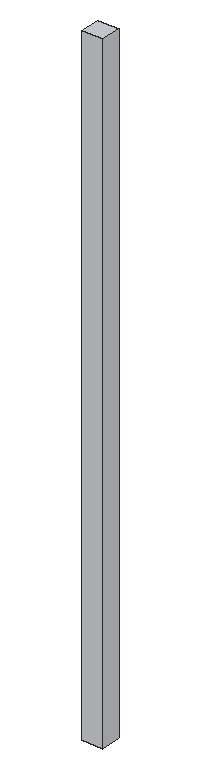
Revit family "欄杆 - 正方形1", category 欄杆, Revit 2014
Parameters (values of type "30 mm 2")
  built-in parameter 1008623 [instance] = (empty or 0)
  關鍵註記 = "05720"
  built-in parameter 1008625 [instance] = (empty or 0)
  支柱材料 = none
  寬度 = 30 mm
  Post = yes
  built-in parameter 1008624 [instance] = (empty or 0)
  built-in parameter 1008622 [instance] = 915 mm
  Assembly Code = ""
Reference planes
  plane 1 "中心 (前/後)": y = 0
  plane 2: z = 0
  plane 3 "中心 (左/右)": x = 0
  plane 4 "頂部": z = 915
Forms (mm)
  Extrusion 1, solid, material <- "支柱材料"
    sketch origin (0, 0, 0) x (1, 0, 0) y (0, 1, 0)
      loop
        line (-15, 15) -> (-15, -15) -> (15, -15) -> (15, 15) -> (-15, 15)
    from 0 to 915
Dimensions and locks
  "built-in parameter 1008622": plane 2 to plane 4 "頂部"
  equal spacing: Extrusion 1 sketch curve, plane 3 "中心 (左/右)", Extrusion 1 sketch curve
  equal spacing: Extrusion 1 sketch curve, plane 1 "中心 (前/後)", Extrusion 1 sketch curve
  "寬度": Extrusion 1 sketch curve to Extrusion 1 sketch curve  (x2)
  aligned and locked: Extrusion 1 to level
  aligned and locked: Extrusion 1 to plane 4 "頂部"
